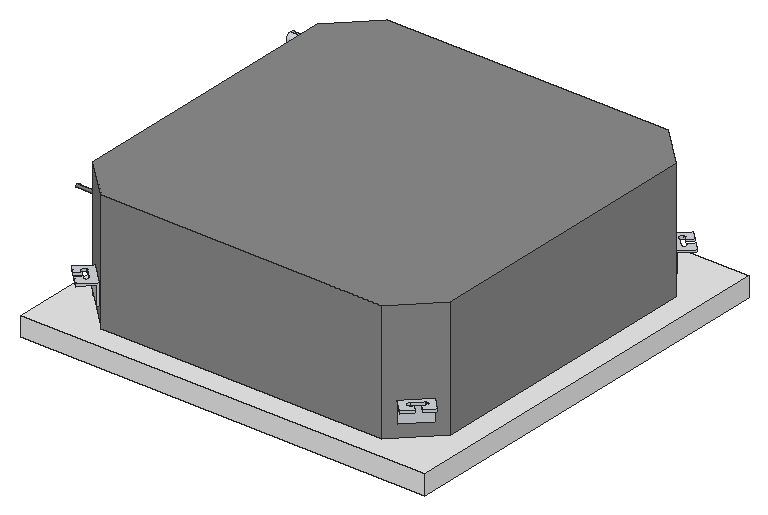
Revit family "GMV-ND22-100TC-T", category 机械设备, Revit 2014
Parameters (values of type "GMV-ND22T/C-T")
  风量(m³/h) [instance] = "800/700/600"
  Sound Pressure Level (H/M/L)(dB) = "33/30/28"
  Panel Height = 65.00 mm
  Panel Depth = 950.00 mm
  Panel Width = 950.00 mm
  设备类别 [instance] = "多联空调机组室内机"
  Power supply = "220-240V 1 phase ~50Hz/208-230V 1 phase ~60Hz"
  液管距面板上边高度 = 115.00 mm
  液管距中心线距离 = 314.00 mm
  Liquid pipe = 6.35 mm
  气管距面板上边高度 = 89.00 mm
  气管距中心线距离 = 252.00 mm
  Gas pipe = 9.52 mm
  面板 = ABS
  Drainage Pipe = 25.00 mm
  回风口长度和宽度 = 回风口边距中心线距离 * 2  # 500.00 mm
  回风口边距中心线距离 = 250.00 mm
  吊装螺杆间距 = 300.00 mm
  吊装孔高 = 80.00 mm
  吊装孔直径 = 21.714 mm
  Heating capacity(kW) [instance] = "2.5"
  Cooling capacity(kW) [instance] = "2.2"
  出风口长度 = 出风口左边到中心线距离 + 出风口右边到中心线距离  # 400.00 mm
  出风口左边到中心线距离 = 200.00 mm
  出风口宽度 = 出风口上边到中心线距离 - 出风口下边到中心线距离  # 50.00 mm
  出风口右边到中心线距离 = 200.00 mm
  出风口下边到中心线距离 = 330.00 mm
  出风口上边到中心线距离 = 380.00 mm
  Net weight Main body/Panel(kg) = "27/6"
  主体高 = 280.00 mm
  主体深 = 840.00 mm
  主体宽 = 840.00 mm
  主体 = 锌板
  Main Body Width = 840.00 mm
  Main Body Height = 280.00 mm
  Main body Depth = 840.00 mm
Types (12, lengths in mm): name | 风量(m³/h) | Sound Pressure Level (H/M/L)(dB) | Liquid pipe | Gas pipe | Heating capacity(kW) | Cooling capacity(kW) | Net weight Main body/Panel(kg)
  (no name) | "800/700/600" | "33/30/28" | 6.35 | 9.52 | "2.5" | "2.2" | "27/6"
  GMV-ND28T/C-T | "800/700/600" | "33/30/28" | 6.35 | 9.52 | "3.2" | "2.8" | "27/6"
  GMV-ND36T/C-T | "800/700/600" | "33/30/28" | 6.35 | 9.52 | "4" | "3.6" | "27/6"
  GMV-ND45T/C-T | "800/700/600" | "34/30/28" | 6.35 | 9.52 | "5" | "4.5" | "27/6"
  GMV-ND50T/C-T | "900/800/700" | "35/32/29" | 6.35 | 9.52 | "5.6" | "5" | "28/6"
  GMV-ND56T/C-T | "950/850/750" | "37/33/30" | 9.52 | 15.90 | "6.3" | "5.6" | "28/6"
  GMV-ND63T/C-T | "1150/950/850" | "37/34/31" | 9.52 | 15.90 | "7.1" | "6.3" | "35/7"
  GMV-ND71T/C-T | "1150/950/850" | "37/34/31" | 9.52 | 15.90 | "8" | "7.1" | "28/6"
  GMV-ND80T/C-T | "1250/1000/900" | "39/37/34" | 9.52 | 15.90 | "9" | "8" | "29/6"
  GMV-ND90T/C-T | "1250/1000/900" | "39/37/34" | 9.52 | 15.90 | "10.0" | "9.0" | "29/6"
  GMV-ND100T/C-T | "1250/1000/900" | "39/37/34" | 9.52 | 15.90 | "11.2" | "10" | "29/6"
  GMV-ND22T/C-T | "800/700/600" | "33/30/28" | 6.35 | 9.52 | "2.5" | "2.2" | "27/6"
Reference planes
  plane 1: z = 0
  plane 2: y = -252
  plane 3: y = -314
  plane 4: through (-330, 420, 1200) normal (0.7071, -0.7071, 0)
  plane 5: through (-341.331, 438.668, 1200) normal (0.7071, -0.7071, 0)
  plane 6: through (-345.927, 443.265, 1200) normal (0.7071, -0.7071, 0)
  plane 7: through (-336.735, 434.072, 1200) normal (0.7071, -0.7071, 0)
  plane 8: through (-396.612, 396.612, 1200) normal (0.7071, 0.7071, 0)
  plane 9: through (-406.158, 387.066, 1200) normal (0.7071, 0.7071, 0)
  plane 10: through (-387.066, 406.158, 1200) normal (0.7071, 0.7071, 0)
  plane 11: through (-401.916, 391.309, 1200) normal (0.7071, 0.7071, 0)
  plane 12: through (-391.309, 401.916, 1200) normal (0.7071, 0.7071, 0)
  plane 13: y = 300
  plane 14: x = 420
  plane 15: x = -420
  plane 16: z = 280
  plane 17: y = 420
  plane 18: y = -420
  plane 19: z = -45
Forms (mm)
  Extrusion 1, solid, material "锌板" <- "主体"
    sketch origin (-1053.666, -594.239, 1200) x (-1, 0, 0) y (0, 0, 1)
      loop
        line (-633.666, -920) -> (-1473.666, -920) -> (-1473.666, -1200) -> (-633.666, -1200) -> (-633.666, -920)
    from 174.239 to 1014.239
  Extrusion 2, solid, material "ABS" <- "面板"
    sketch origin (-1053.666, -594.239, 1200) x (-1, 0, 0) y (0, 0, 1)
      loop
        line (-578.666, -1200) -> (-1528.666, -1200) -> (-1528.666, -1245) -> (-578.666, -1245) -> (-578.666, -1200)
    from 119.239 to 1069.239
  Extrusion 3, solid, material "锌板" <- "主体"
    sketch origin (-420, -1524, 776.939) x (0, 0, 1) y (0, -1, 0)
      loop
        circle (-687.939, -1272) r 4.76
    from 0 to -50
  Extrusion 4, solid, material "锌板" <- "主体"
    sketch origin (-420, -1524, 796.939) x (0, 0, 1) y (0, -1, 0)
      loop
        circle (-591.939, -1210) r 3.175
    from 0 to -50
  Extrusion 5, void
    sketch origin (-944.901, -1524, -45) x (0, -1, 0) y (-1, 0, 0)
      loop
        line (-1774, -694.901) -> (-1774, -1194.901) -> (-1274, -1194.901) -> (-1274, -694.901) -> (-1774, -694.901)
    from 0 to -51.074
  Extrusion 6, void
    sketch origin (-944.901, -1524, -45) x (0, -1, 0) y (-1, 0, 0)
      loop
        line (-1194, -1144.901) -> (-1144, -1144.901) -> (-1144, -744.901) -> (-1194, -744.901) -> (-1194, -1144.901)
    from 0 to -10
  Extrusion 7, void
    sketch origin (-944.901, -1524, -45) x (0, -1, 0) y (-1, 0, 0)
      loop
        line (-1724, -564.901) -> (-1724, -614.901) -> (-1324, -614.901) -> (-1324, -564.901) -> (-1724, -564.901)
    from 0 to -10
  Extrusion 8, void
    sketch origin (-944.901, -1524, -45) x (0, -1, 0) y (-1, 0, 0)
      loop
        line (-1324, -1324.901) -> (-1324, -1274.901) -> (-1724, -1274.901) -> (-1724, -1324.901) -> (-1324, -1324.901)
    from 0 to -10
  Extrusion 9, void
    sketch origin (-944.901, -1524, 190) x (0, -1, 0) y (-1, 0, 0)
      loop
        line (-1944, -524.901) -> (-1944, -614.901) -> (-1854, -524.901) -> (-1944, -524.901)
    from 320 to -90
  Extrusion 10, solid
    sketch origin (-393.436, 356.539, 1200) x (0.707107, -0.707107, 0) y (0, 0, 1)
      loop
        line (0, -1167.503) -> (0, -1120) -> (-43.411, -1120) -> (-43.411, -1125) -> (-5, -1125) -> (-5, -1167.503) -> (0, -1167.503)
    from 7.361 to -61.161
  Extrusion 11, void
    sketch origin (-113.234, -1524, 80) x (0, -1, 0) y (-1, 0, 0)
      loop
        line (-1909.05, 290.908) -> (-1913.293, 286.665) -> (-1924.38, 297.753) -> (-1934.987, 287.147) -> (-1923.899, 276.059) -> (-1928.142, 271.816)
        arc (-1928.142, 271.816) -> (-1928.142, 262.624) -> (-1918.949, 262.624) r 6.5
        line (-1918.949, 262.624) -> (-1899.858, 281.715)
        arc (-1899.858, 281.715) -> (-1899.858, 290.908) -> (-1909.05, 290.908) r 6.5
    from 5 to 0
  Extrusion 12, void
    sketch origin (944.901, -1524, 190) x (0, 1, 0) y (1, 0, 0)
      loop
        line (1944, -524.901) -> (1854, -524.901) -> (1944, -614.901) -> (1944, -524.901)
    from 190 to -90
  Extrusion 13, void
    sketch origin (944.901, 1524, 190) x (0, 1, 0) y (1, 0, 0)
      loop
        line (-1944, -524.901) -> (-1944, -614.901) -> (-1854, -524.901) -> (-1944, -524.901)
    from 190 to -90
  Extrusion 14, void
    sketch origin (-944.901, 1524, 190) x (0, -1, 0) y (-1, 0, 0)
      loop
        line (1944, -524.901) -> (1854, -524.901) -> (1944, -614.901) -> (1944, -524.901)
    from 190 to -90
  Extrusion 15, solid
    sketch origin (393.436, 356.539, 1200) x (-0.707107, -0.707107, 0) y (0, 0, -1)
      loop
        line (0, 1167.503) -> (-5, 1167.503) -> (-5, 1125) -> (-43.411, 1125) -> (-43.411, 1120) -> (0, 1120) -> (0, 1167.503)
    from 7.361 to -61.161
  Extrusion 16, solid
    sketch origin (393.436, -356.539, 1200) x (-0.707107, 0.707107, 0) y (0, 0, 1)
      loop
        line (0, -1167.503) -> (0, -1120) -> (-43.411, -1120) -> (-43.411, -1125) -> (-5, -1125) -> (-5, -1167.503) -> (0, -1167.503)
    from 7.361 to -61.161
  Extrusion 17, solid
    sketch origin (-393.436, -356.539, 1200) x (0.707107, 0.707107, 0) y (0, 0, -1)
      loop
        line (0, 1167.503) -> (-5, 1167.503) -> (-5, 1125) -> (-43.411, 1125) -> (-43.411, 1120) -> (0, 1120) -> (0, 1167.503)
    from 7.361 to -61.161
  Extrusion 18, solid
    sketch origin (-393.436, 356.539, 1200) x (0.707107, -0.707107, 0) y (0, 0, 1)
      loop
        line (0, -1167.503) -> (0, -1120) -> (-43.411, -1120) -> (-43.411, -1125) -> (-5, -1125) -> (-5, -1167.503) -> (0, -1167.503)
    from 7.361 to -61.161
  Extrusion 19, void
    sketch origin (-113.234, -1524, 80) x (0, -1, 0) y (-1, 0, 0)
      loop
        line (-1909.05, 290.908) -> (-1913.293, 286.665) -> (-1924.38, 297.753) -> (-1934.987, 287.147) -> (-1923.899, 276.059) -> (-1928.142, 271.816)
        arc (-1928.142, 271.816) -> (-1928.142, 262.624) -> (-1918.949, 262.624) r 6.5
        line (-1918.949, 262.624) -> (-1899.858, 281.715)
        arc (-1899.858, 281.715) -> (-1899.858, 290.908) -> (-1909.05, 290.908) r 6.5
    from 5 to 0
  Extrusion 20, void
    sketch origin (113.234, -1524, 80) x (0, 1, 0) y (1, 0, 0)
      loop
        arc (1909.05, 290.908) -> (1899.858, 290.908) -> (1899.858, 281.715) r 6.5
        line (1899.858, 281.715) -> (1918.949, 262.624)
        arc (1918.949, 262.624) -> (1928.142, 262.624) -> (1928.142, 271.816) r 6.5
        line (1928.142, 271.816) -> (1923.899, 276.059) -> (1934.987, 287.147) -> (1924.38, 297.753) -> (1913.293, 286.665) -> (1909.05, 290.908)
    from 5 to 0
  Extrusion 21, void
    sketch origin (113.234, 1524, 80) x (0, 1, 0) y (1, 0, 0)
      loop
        line (-1909.05, 290.908) -> (-1913.293, 286.665) -> (-1924.38, 297.753) -> (-1934.987, 287.147) -> (-1923.899, 276.059) -> (-1928.142, 271.816)
        arc (-1928.142, 271.816) -> (-1928.142, 262.624) -> (-1918.949, 262.624) r 6.5
        line (-1918.949, 262.624) -> (-1899.858, 281.715)
        arc (-1899.858, 281.715) -> (-1899.858, 290.908) -> (-1909.05, 290.908) r 6.5
    from 5 to 0
  Extrusion 22, void
    sketch origin (-113.234, 1524, 80) x (0, -1, 0) y (-1, 0, 0)
      loop
        arc (1909.05, 290.908) -> (1899.858, 290.908) -> (1899.858, 281.715) r 6.5
        line (1899.858, 281.715) -> (1918.949, 262.624)
        arc (1918.949, 262.624) -> (1928.142, 262.624) -> (1928.142, 271.816) r 6.5
        line (1928.142, 271.816) -> (1923.899, 276.059) -> (1934.987, 287.147) -> (1924.38, 297.753) -> (1913.293, 286.665) -> (1909.05, 290.908)
    from 5 to 0
  Extrusion 23, void
    sketch origin (-944.901, 1524, -45) x (0, -1, 0) y (-1, 0, 0)
      loop
        line (1194, -1144.901) -> (1194, -744.901) -> (1144, -744.901) -> (1144, -1144.901) -> (1194, -1144.901)
    from 0 to -10
  Extrusion 24, solid
    sketch origin (-420, -1524, 776.939) x (0, 0, 1) y (0, -1, 0)
      loop
        circle (-526.939, -1824) r 12.5
    from 0 to -39.855
Cuts and joins
  Extrusion 5, Extrusion 6, Extrusion 7, Extrusion 8, Extrusion 12, Extrusion 13, Extrusion 14, Extrusion 23 cuts Extrusion 2
  Extrusion 9, Extrusion 12, Extrusion 13, Extrusion 14 cuts Extrusion 1
  Extrusion 11, Extrusion 12, Extrusion 20 cuts Extrusion 10
  Extrusion 19, Extrusion 20 cuts Extrusion 18
  Extrusion 19, Extrusion 22 cuts Extrusion 17
  Extrusion 20, Extrusion 21 cuts Extrusion 15
  Extrusion 21, Extrusion 22 cuts Extrusion 16
Lines and regions (mm)
  model lines
    curve 1: arc (-420, -252, 93.76) -> (-420, -256.76, 89) -> (-420, -252, 84.24) r 4.76
    curve 2: arc (-420, -252, 84.24) -> (-420, -247.24, 89) -> (-420, -252, 93.76) r 4.76
    curve 3: line (-250, 250, -45) -> (250, 250, -45)
    curve 4: line (-250, -250, -45) -> (-250, 250, -45)
    curve 5: line (250, -250, -45) -> (-250, -250, -45)
    curve 6: line (250, 250, -45) -> (250, -250, -45)
Dimensions and locks
  Extrusion 5 sketch curve to Extrusion 5 sketch curve = 500.00 mm
  plane 5 to plane 6 = 6.50 mm
  "Main Body Width": plane 15 to plane 14
  "Main Body Height": plane 16 to level
  "Main body Depth": plane 18 to plane 17
  "Gas pipe": diameter of Extrusion 3 sketch curve
  "Liquid pipe": diameter of Extrusion 4 sketch curve
  "Drainage Pipe": diameter of Extrusion 24 sketch curve
  aligned and locked: level to plane 1
  aligned and locked: Extrusion 1 sketch curve to level
  aligned and locked: level to Extrusion 2 sketch curve
  aligned and locked: curve 1 to Extrusion 3
  aligned and locked: curve 2 to Extrusion 3
  aligned and locked: curve 3 to cut or joined group 1 (Extrusion 2, Extrusion 5, Extrusion 6, Extrusion 7, Extrusion 8, Extrusion 12, Extrusion 13, Extrusion 14, Extrusion 23)
  aligned and locked: curve 4 to cut or joined group 1
  aligned and locked: curve 5 to cut or joined group 1
  aligned and locked: curve 6 to cut or joined group 1
  aligned and locked: cut or joined group 1 to nested 1
  aligned and locked: Extrusion 10 to Extrusion 11
Automatic sketch dimensions
  Extrusion 10 sketch curve to plane 6 = 15.681 mm
  Extrusion 10 sketch curve to plane 4 = 4.982 mm
  plane 4 to Extrusion 10 sketch curve = 0.018 mm
  level to Extrusion 10 sketch curve = 32.496 mm
  plane 12 to Extrusion 11 sketch curve = 0.00 mm
  plane 6 to Extrusion 11 sketch curve = 0.00 mm  (x3)
  plane 10 to Extrusion 11 sketch curve = 0.00 mm  (x3)
  Extrusion 11 sketch curve to plane 11 = 0.00 mm
  plane 5 to Extrusion 11 sketch curve = 0.00 mm  (x2)
  Extrusion 11 sketch curve to plane 9 = 0.00 mm  (x3)
  Extrusion 15 sketch curve to plane 10 = 560.223 mm
  Extrusion 15 sketch curve to Extrusion 15 sketch curve = 38.411 mm
  Extrusion 15 sketch curve to Extrusion 15 sketch curve = 5.00 mm  (x2)
  level to Extrusion 15 sketch curve = 32.496 mm
  plane 4 to Extrusion 16 sketch curve = 1104.054 mm
  Extrusion 16 sketch curve to Extrusion 16 sketch curve = 38.411 mm
  Extrusion 16 sketch curve to Extrusion 16 sketch curve = 5.00 mm  (x2)
  level to Extrusion 16 sketch curve = 32.496 mm
  Extrusion 17 sketch curve to plane 9 = 560.224 mm
  Extrusion 17 sketch curve to Extrusion 17 sketch curve = 38.411 mm
  Extrusion 17 sketch curve to Extrusion 17 sketch curve = 5.00 mm  (x2)
  level to Extrusion 17 sketch curve = 32.496 mm
  Extrusion 18 sketch curve to plane 6 = 15.681 mm
  Extrusion 18 sketch curve to plane 4 = 4.982 mm
  plane 4 to Extrusion 18 sketch curve = 0.018 mm
  level to Extrusion 18 sketch curve = 32.496 mm
  plane 12 to Extrusion 19 sketch curve = 0.00 mm
  plane 6 to Extrusion 19 sketch curve = 0.00 mm  (x3)
  plane 10 to Extrusion 19 sketch curve = 0.00 mm  (x3)
  Extrusion 19 sketch curve to plane 11 = 0.00 mm
  plane 5 to Extrusion 19 sketch curve = 0.00 mm  (x2)
  Extrusion 19 sketch curve to plane 9 = 0.00 mm  (x3)
  Extrusion 20 sketch curve to Extrusion 20 sketch curve = 4.243 mm  (x2)
  Extrusion 20 sketch curve to Extrusion 20 sketch curve = 4.596 mm  (x3)
  Extrusion 20 sketch curve to Extrusion 20 sketch curve = 0.354 mm
  Extrusion 20 sketch curve to Extrusion 20 sketch curve = 11.088 mm
  Extrusion 21 sketch curve to Extrusion 21 sketch curve = 10.607 mm
  Extrusion 21 sketch curve to Extrusion 21 sketch curve = 4.596 mm  (x5)
  Extrusion 22 sketch curve to Extrusion 22 sketch curve = 4.243 mm  (x2)
  Extrusion 22 sketch curve to Extrusion 22 sketch curve = 4.596 mm  (x3)
  Extrusion 22 sketch curve to Extrusion 22 sketch curve = 0.354 mm
  Extrusion 22 sketch curve to Extrusion 22 sketch curve = 11.088 mm
  Extrusion 7 sketch curve to Extrusion 7 sketch curve = 50.00 mm
  plane 4 to Extrusion 9 sketch curve = 0.00 mm  (x2)
  Extrusion 21 sketch curve to Extrusion 21 sketch curve = 4.243 mm
  Extrusion 2 sketch curve to level = 45.00 mm
  level to Extrusion 1 sketch curve = 280.00 mm
  Extrusion 10 sketch curve to Extrusion 10 sketch curve = 42.503 mm
  Extrusion 10 sketch curve to Extrusion 10 sketch curve = 5.00 mm
  Extrusion 15 sketch curve to Extrusion 15 sketch curve = 42.503 mm
  Extrusion 16 sketch curve to Extrusion 16 sketch curve = 42.503 mm
  Extrusion 17 sketch curve to Extrusion 17 sketch curve = 42.503 mm
  Extrusion 18 sketch curve to Extrusion 18 sketch curve = 42.503 mm
  Extrusion 18 sketch curve to Extrusion 18 sketch curve = 5.00 mm
  Extrusion 1 sketch curve to Extrusion 1 sketch curve = 840.00 mm
  Extrusion 2 sketch curve to Extrusion 2 sketch curve = 950.00 mm
  Extrusion 6 sketch curve to plane 9 = 361.267 mm
  Extrusion 6 sketch curve to Extrusion 6 sketch curve = 400.00 mm
  Extrusion 7 sketch curve to plane 9 = 396.622 mm
  Extrusion 8 sketch curve to plane 10 = 78.424 mm
  Extrusion 8 sketch curve to Extrusion 8 sketch curve = 50.00 mm
  plane 4 to Extrusion 12 sketch curve = 530.33 mm
  Extrusion 12 sketch curve to Extrusion 12 sketch curve = 90.00 mm
  Extrusion 13 sketch curve to plane 8 = 0.00 mm
  Extrusion 13 sketch curve to Extrusion 13 sketch curve = 90.00 mm
  plane 4 to Extrusion 14 sketch curve = 530.33 mm
  Extrusion 14 sketch curve to Extrusion 14 sketch curve = 90.00 mm
  plane 4 to Extrusion 20 sketch curve = 537.83 mm
  Extrusion 20 sketch curve to Extrusion 20 sketch curve = 6.845 mm
  plane 12 to Extrusion 21 sketch curve = 0.00 mm
  Extrusion 21 sketch curve to Extrusion 21 sketch curve = 6.845 mm
  plane 4 to Extrusion 22 sketch curve = 522.83 mm
  Extrusion 22 sketch curve to Extrusion 22 sketch curve = 6.845 mm
  Extrusion 23 sketch curve to plane 10 = 78.424 mm
  Extrusion 23 sketch curve to Extrusion 23 sketch curve = 400.00 mm
  plane 13 to Extrusion 5 sketch curve = 50.00 mm
  Extrusion 5 sketch curve to plane 2 = 2.00 mm
  Extrusion 5 sketch curve to plane 15 = 170.00 mm
  plane 3 to Extrusion 6 sketch curve = 16.00 mm
  Extrusion 6 sketch curve to Extrusion 6 sketch curve = 50.00 mm
  plane 13 to Extrusion 7 sketch curve = 100.00 mm
  Extrusion 7 sketch curve to plane 15 = 40.00 mm
  plane 14 to Extrusion 8 sketch curve = 40.00 mm
  plane 13 to Extrusion 8 sketch curve = 100.00 mm
  Extrusion 9 sketch curve to plane 15 = 0.00 mm
  Extrusion 9 sketch curve to Extrusion 9 sketch curve = 90.00 mm
  Extrusion 11 sketch curve to plane 15 = 19.62 mm
  Extrusion 12 sketch curve to plane 14 = 0.00 mm
  Extrusion 12 sketch curve to plane 13 = 30.00 mm
  Extrusion 13 sketch curve to plane 14 = 0.00 mm
  plane 3 to Extrusion 13 sketch curve = 16.00 mm
  Extrusion 14 sketch curve to plane 15 = 0.00 mm
  plane 3 to Extrusion 14 sketch curve = 16.00 mm
  Extrusion 19 sketch curve to plane 15 = 19.62 mm
  plane 14 to Extrusion 20 sketch curve = 25.051 mm
  Extrusion 20 sketch curve to plane 13 = 75.858 mm
  plane 14 to Extrusion 20 sketch curve = 15.858 mm
  plane 14 to Extrusion 20 sketch curve = 44.143 mm
  Extrusion 20 sketch curve to Extrusion 20 sketch curve = 5.657 mm
  plane 14 to Extrusion 21 sketch curve = 19.62 mm
  plane 3 to Extrusion 21 sketch curve = 96.987 mm
  plane 14 to Extrusion 21 sketch curve = 34.95 mm
  plane 14 to Extrusion 21 sketch curve = 20.101 mm
  plane 14 to Extrusion 21 sketch curve = 25.051 mm
  Extrusion 22 sketch curve to plane 15 = 25.051 mm
  plane 3 to Extrusion 22 sketch curve = 61.858 mm
  Extrusion 22 sketch curve to plane 15 = 15.858 mm
  Extrusion 22 sketch curve to Extrusion 22 sketch curve = 5.657 mm
  Extrusion 22 sketch curve to plane 15 = 19.62 mm
  Extrusion 23 sketch curve to plane 13 = 80.00 mm
  Extrusion 23 sketch curve to plane 13 = 30.00 mm
  Extrusion 3 sketch curve to plane 2 = 0.00 mm
  level to Extrusion 3 sketch curve = 89.00 mm
  Extrusion 4 sketch curve to plane 3 = 0.00 mm
  plane 16 to Extrusion 4 sketch curve = 75.00 mm
  Extrusion 24 sketch curve to plane 13 = 0.00 mm
  plane 16 to Extrusion 24 sketch curve = 30.00 mm
Nested families
  nested 1: "回风口（天井机）" at (0, 0, -45), type "回风口（天井机）"
  nested 2: "5S logo-小" at (-20, -290, -45), type "GMV 5S LOGO"
    with 材质2 材质2, 材质1 材质1, 商标底材质 商标底材质
Definition of nested family "回风口（天井机）"
  Parameters (values of type "回风口（天井机）")
    面板 = ABS
    边长 = 500.00 mm
  Reference planes
    plane 1 "中心(前/后)": y = 0
    plane 2: z = 0
    plane 3 "中心(左/右)": x = 0
    plane 4: y = 250
    plane 5: y = -250
    plane 6: x = -250
    plane 7: x = 250
    plane 8: through (250, 250, 1200) normal (0.7071, -0.7071, 0)
    plane 9: through (0, 230, 1200) normal (0.7071, -0.7071, 0)
    plane 10: through (230, 0, 1200) normal (0.7071, -0.7071, 0)
    plane 11: through (-230, 0, 1200) normal (0.7071, 0.7071, 0)
    plane 12: through (-230, 230, 1200) normal (0.7071, 0.7071, 0)
    plane 13: through (-230, -110, 1200) normal (0.7071, 0.7071, 0)
    plane 14: through (-225, 105, 1200) normal (0.7071, 0.7071, 0)
    plane 15: through (-230, -165, 1200) normal (0.7071, 0.7071, 0)
    plane 16: through (-175, -110, 1200) normal (0.7071, 0.7071, 0)
    plane 17: through (-120, -55, 1200) normal (0.7071, 0.7071, 0)
    plane 18: through (-57.5, -5, 1200) normal (0.7071, 0.7071, 0)
    plane 19: through (0, 230, 1200) normal (0.7071, 0.7071, 0)
    plane 20: through (110, 230, 1200) normal (0.7071, 0.7071, 0)
    plane 21: through (-105, 225, 1200) normal (0.7071, 0.7071, 0)
    plane 22: through (165, 230, 1200) normal (0.7071, 0.7071, 0)
    plane 23: through (110, 175, 1200) normal (0.7071, 0.7071, 0)
    plane 24: through (55, 120, 1200) normal (0.7071, 0.7071, 0)
    plane 25: through (5, 57.5, 1200) normal (0.7071, 0.7071, 0)
  Forms (mm)
    Extrusion 1, solid, material "ABS" <- "面板"
      sketch origin (0, 0, 0) x (1, 0, 0) y (0, 1, 0)
        loop
          line (-250, 250) -> (-250, -250) -> (250, -250) -> (250, 250) -> (-250, 250)
        loop
          line (-230, 230) -> (-230, -230) -> (230, -230) -> (230, 230) -> (-230, 230)
      from 0 to 20
    Sweep 2, solid, material "ABS" <- "面板"
      path origin (0, 0, 0) x (1, 0, 0) y (0, 1, 0)
        loop
          line (230, 230) -> (-230, -230)
      profile origin (0, 0, 0) x (0.707107, -0.707107, 0) y (0, 0, 1)
        loop
          circle (0, 1) r 1
    Sweep 3, solid, material "ABS" <- "面板"
      path origin (-110.984, 119.016, 0) x (1, 0, 0) y (0, 1, 0)
        loop
          line (110.984, 110.984) -> (-119.016, -119.016)
      profile origin (-115, 115, 0) x (0.707107, -0.707107, 0) y (0, 0, 1)
        loop
          circle (0, 0) r 1
    Sweep 4, solid, material "ABS" <- "面板"
      path origin (110.984, -119.016, 0) x (1, 0, 0) y (0, 1, 0)
        loop
          line (119.016, 119.016) -> (-110.984, -110.984)
      profile origin (115, -115, 0) x (0.707107, -0.707107, 0) y (0, 0, 1)
        loop
          circle (0, 1.016) r 1
    Sweep 5, solid, material "ABS" <- "面板"
      path origin (0, 0, 0) x (1, 0, 0) y (0, 1, 0)
        loop
          line (-230, 230) -> (230, -230)
      profile origin (0, 0, 0) x (0.707107, 0.707107, 0) y (0, 0, 1)
        loop
          circle (0, 0.391) r 0.4
    Sweep 6, solid, material "ABS" <- "面板"
      path origin (-36.76, -25.74, 0) x (1, 0, 0) y (0, 1, 0)
        loop
          line (-193.24, 193.24) -> (204.26, -204.26)
      profile origin (-31.25, -31.25, 0) x (0.707107, 0.707107, 0) y (0, 0, 1)
        loop
          circle (0, 0) r 0.4
    Sweep 7, solid, material "ABS" <- "面板"
      path origin (-55.046, -64.954, 0) x (1, 0, 0) y (0, 1, 0)
        loop
          line (-174.954, 174.954) -> (165.046, -165.046)
      profile origin (-60, -60, 0) x (0.707107, 0.707107, 0) y (0, 0, 1)
        loop
          circle (0, 0) r 0.4
    Sweep 8, solid, material "ABS" <- "面板"
      path origin (-82.546, -92.454, 0) x (1, 0, 0) y (0, 1, 0)
        loop
          line (-147.454, 147.454) -> (137.546, -137.546)
      profile origin (-87.5, -87.5, 0) x (0.707107, 0.707107, 0) y (0, 0, 1)
        loop
          circle (0, 0) r 0.4
    Sweep 9, solid, material "ABS" <- "面板"
      path origin (-110.046, -119.954, 0) x (1, 0, 0) y (0, 1, 0)
        loop
          line (-119.954, 119.954) -> (110.753, -110.753)
      profile origin (-114.646, -115.354, 0) x (0.707107, 0.707107, 0) y (0, 0, 1)
        loop
          circle (0, 0) r 0.4
    Sweep 10, solid, material "ABS" <- "面板"
      path origin (-153.423, -131.577, 0) x (1, 0, 0) y (0, 1, 0)
        loop
          line (-76.577, 76.577) -> (98.423, -98.423)
      profile origin (-142.5, -142.5, 0) x (0.707107, 0.707107, 0) y (0, 0, 1)
        loop
          circle (0, 0) r 0.4
    Sweep 11, solid, material "ABS" <- "面板"
      path origin (-196.8, -143.2, 0) x (1, 0, 0) y (0, 1, 0)
        loop
          line (-33.2, 33.2) -> (86.8, -86.8)
      profile origin (-170, -170, 0) x (0.707107, 0.707107, 0) y (0, 0, 1)
        loop
          circle (0, 0) r 0.4
    Sweep 12, solid, material "ABS" <- "面板"
      path origin (-229.149, -165.851, 0) x (1, 0, 0) y (0, 1, 0)
        loop
          line (-0.851, 0.851) -> (64.149, -64.149)
      profile origin (-197.5, -197.5, 0) x (0.707107, 0.707107, 0) y (0, 0, 1)
        loop
          circle (0, 0) r 0.4
    Sweep 13, solid, material "ABS" <- "面板"
      path origin (25.74, 36.76, 0) x (0, -1, 0) y (-1, 0, 0)
        loop
          line (-193.24, 193.24) -> (204.26, -204.26)
      profile origin (31.25, 31.25, 0) x (0.707107, 0.707107, 0) y (0, 0, 1)
        loop
          circle (0, 0.43) r 0.4
    Sweep 14, solid, material "ABS" <- "面板"
      path origin (64.954, 55.046, 0) x (0, -1, 0) y (-1, 0, 0)
        loop
          line (-174.954, 174.954) -> (165.046, -165.046)
      profile origin (60, 60, 0) x (0.707107, 0.707107, 0) y (0, 0, 1)
        loop
          circle (0, 0.43) r 0.4
    Sweep 15, solid, material "ABS" <- "面板"
      path origin (92.454, 82.546, 0) x (0, -1, 0) y (-1, 0, 0)
        loop
          line (-147.454, 147.454) -> (137.546, -137.546)
      profile origin (87.5, 87.5, 0) x (0.707107, 0.707107, 0) y (0, 0, 1)
        loop
          circle (0, 0.391) r 0.4
    Sweep 16, solid, material "ABS" <- "面板"
      path origin (119.954, 110.046, 0) x (0, -1, 0) y (-1, 0, 0)
        loop
          line (-119.954, 119.954) -> (110.753, -110.753)
      profile origin (115.354, 114.646, 0) x (0.707107, 0.707107, 0) y (0, 0, 1)
        loop
          circle (0, 0.391) r 0.4
    Sweep 17, solid, material "ABS" <- "面板"
      path origin (131.577, 153.423, 0) x (0, -1, 0) y (-1, 0, 0)
        loop
          line (-76.577, 76.577) -> (98.423, -98.423)
      profile origin (142.5, 142.5, 0) x (0.707107, 0.707107, 0) y (0, 0, 1)
        loop
          circle (0, 0.391) r 0.4
    Sweep 18, solid, material "ABS" <- "面板"
      path origin (143.2, 196.8, 0) x (0, -1, 0) y (-1, 0, 0)
        loop
          line (-33.2, 33.2) -> (86.8, -86.8)
      profile origin (170, 170, 0) x (0.707107, 0.707107, 0) y (0, 0, 1)
        loop
          circle (0, 0.391) r 0.4
    Sweep 19, solid, material "ABS" <- "面板"
      path origin (165.851, 229.149, 0) x (0, -1, 0) y (-1, 0, 0)
        loop
          line (-0.851, 0.851) -> (64.149, -64.149)
      profile origin (197.5, 197.5, 0) x (0.707107, 0.707107, 0) y (0, 0, 1)
        loop
          circle (0, 0.391) r 0.4
  Dimensions and locks
    equal spacing: plane 6, plane 3 "中心(左/右)", plane 7
    "边长": plane 6 to plane 7
    equal spacing: plane 4, plane 1 "中心(前/后)", plane 5
    "边长": plane 4 to plane 5
    aligned and locked: level to plane 2
    aligned and locked: Extrusion 1 sketch curve to plane 4
    aligned and locked: plane 6 to Extrusion 1 sketch curve
    aligned and locked: plane 5 to Extrusion 1 sketch curve
    aligned and locked: Extrusion 1 sketch curve to plane 7
  Automatic sketch dimensions
    Extrusion 1 sketch curve to plane 12 = 0.00 mm
    plane 8 to Extrusion 1 sketch curve = 0.00 mm  (x2)
    Extrusion 1 sketch curve to plane 4 = 20.00 mm
    plane 8 to Sweep 2 sketch curve = 0.00 mm  (x2)
    plane 5 to Sweep 2 sketch curve = 20.00 mm
    Sweep 2 sketch curve to plane 4 = 20.00 mm
    Sweep 2 sketch curve to profile plane = 0.00 mm
    level to Sweep 2 sketch curve = 1.00 mm
    plane 1 "中心(前/后)" to Sweep 3 sketch curve = 0.00 mm
    plane 9 to Sweep 3 sketch curve = 0.00 mm  (x2)
    Sweep 3 sketch curve to plane 3 "中心(左/右)" = 0.00 mm
    Sweep 3 sketch curve to level = 0.00 mm
    Sweep 3 sketch curve to profile plane = 0.00 mm
    Sweep 4 sketch curve to plane 3 "中心(左/右)" = 0.00 mm
    plane 1 "中心(前/后)" to Sweep 4 sketch curve = 0.00 mm
    Sweep 4 sketch curve to plane 10 = 0.00 mm  (x2)
    Sweep 4 sketch curve to profile plane = 0.00 mm
    level to Sweep 4 sketch curve = 1.016 mm
    Sweep 5 sketch curve to plane 12 = 0.00 mm  (x2)
    Sweep 5 sketch curve to plane 4 = 20.00 mm
    plane 5 to Sweep 5 sketch curve = 20.00 mm
    Sweep 5 sketch curve to profile plane = 0.00 mm
    level to Sweep 5 sketch curve = 0.391 mm
    plane 18 to Sweep 6 sketch curve = 0.00 mm  (x2)
    plane 6 to Sweep 6 sketch curve = 20.00 mm
    plane 5 to Sweep 6 sketch curve = 20.00 mm
    Sweep 6 sketch curve to level = 0.00 mm
    Sweep 6 sketch curve to profile plane = 0.00 mm
    Sweep 7 sketch curve to plane 14 = 0.00 mm  (x2)
    plane 6 to Sweep 7 sketch curve = 20.00 mm
    plane 5 to Sweep 7 sketch curve = 20.00 mm
    Sweep 7 sketch curve to level = 0.00 mm
    Sweep 7 sketch curve to profile plane = 0.00 mm
    Sweep 8 sketch curve to plane 17 = 0.00 mm  (x2)
    plane 6 to Sweep 8 sketch curve = 20.00 mm
    plane 5 to Sweep 8 sketch curve = 20.00 mm
    Sweep 8 sketch curve to level = 0.00 mm
    Sweep 8 sketch curve to profile plane = 0.00 mm
    plane 1 "中心(前/后)" to Sweep 9 sketch curve = 0.00 mm
    plane 9 to Sweep 9 sketch curve = 0.00 mm
    Sweep 9 sketch curve to plane 11 = 0.00 mm
    plane 3 "中心(左/右)" to Sweep 9 sketch curve = 0.707 mm
    Sweep 9 sketch curve to level = 0.00 mm
    Sweep 9 sketch curve to profile plane = 0.00 mm
    Sweep 10 sketch curve to plane 16 = 0.00 mm
    plane 16 to Sweep 10 sketch curve = 0.00 mm
    plane 6 to Sweep 10 sketch curve = 20.00 mm
    plane 5 to Sweep 10 sketch curve = 20.00 mm
    Sweep 10 sketch curve to level = 0.00 mm
    Sweep 10 sketch curve to profile plane = 0.00 mm
    Sweep 11 sketch curve to plane 13 = 0.00 mm  (x2)
    plane 6 to Sweep 11 sketch curve = 20.00 mm
    plane 5 to Sweep 11 sketch curve = 20.00 mm
    Sweep 11 sketch curve to level = 0.00 mm
    Sweep 11 sketch curve to profile plane = 0.00 mm
    Sweep 12 sketch curve to plane 15 = 0.00 mm  (x2)
    plane 6 to Sweep 12 sketch curve = 20.00 mm
    plane 5 to Sweep 12 sketch curve = 20.00 mm
    Sweep 12 sketch curve to level = 0.00 mm
    Sweep 12 sketch curve to profile plane = 0.00 mm
    Sweep 13 sketch curve to plane 25 = 0.00 mm  (x2)
    plane 4 to Sweep 13 sketch curve = 20.00 mm
    plane 7 to Sweep 13 sketch curve = 20.00 mm
    level to Sweep 13 sketch curve = 0.43 mm
    Sweep 13 sketch curve to profile plane = 0.00 mm
    plane 21 to Sweep 14 sketch curve = 0.00 mm  (x2)
    plane 4 to Sweep 14 sketch curve = 20.00 mm
    plane 7 to Sweep 14 sketch curve = 20.00 mm
    level to Sweep 14 sketch curve = 0.43 mm
    Sweep 14 sketch curve to profile plane = 0.00 mm
    plane 24 to Sweep 15 sketch curve = 0.00 mm  (x2)
    plane 4 to Sweep 15 sketch curve = 20.00 mm
    plane 7 to Sweep 15 sketch curve = 20.00 mm
    level to Sweep 15 sketch curve = 0.391 mm
    Sweep 15 sketch curve to profile plane = 0.00 mm
    Sweep 16 sketch curve to plane 3 "中心(左/右)" = 0.00 mm
    plane 9 to Sweep 16 sketch curve = 0.00 mm
    plane 19 to Sweep 16 sketch curve = 0.00 mm
    Sweep 16 sketch curve to plane 1 "中心(前/后)" = 0.707 mm
    level to Sweep 16 sketch curve = 0.391 mm
    Sweep 16 sketch curve to profile plane = 0.00 mm
    Sweep 17 sketch curve to plane 23 = 0.00 mm  (x2)
    plane 4 to Sweep 17 sketch curve = 20.00 mm
    plane 7 to Sweep 17 sketch curve = 20.00 mm
    level to Sweep 17 sketch curve = 0.391 mm
    Sweep 17 sketch curve to profile plane = 0.00 mm
    Sweep 18 sketch curve to plane 20 = 0.00 mm
    plane 20 to Sweep 18 sketch curve = 0.00 mm
    plane 4 to Sweep 18 sketch curve = 20.00 mm
    plane 7 to Sweep 18 sketch curve = 20.00 mm
    level to Sweep 18 sketch curve = 0.391 mm
    Sweep 18 sketch curve to profile plane = 0.00 mm
    Sweep 19 sketch curve to plane 22 = 0.00 mm
    plane 22 to Sweep 19 sketch curve = 0.00 mm
    plane 4 to Sweep 19 sketch curve = 20.00 mm
    plane 7 to Sweep 19 sketch curve = 20.00 mm
    level to Sweep 19 sketch curve = 0.391 mm
    Sweep 19 sketch curve to profile plane = 0.00 mm
    radius of Sweep 2 sketch curve = 1.00 mm
    radius of Sweep 3 sketch curve = 1.00 mm
    radius of Sweep 4 sketch curve = 1.00 mm
    radius of Sweep 5 sketch curve = 0.40 mm
    radius of Sweep 6 sketch curve = 0.40 mm
    radius of Sweep 7 sketch curve = 0.40 mm
    radius of Sweep 8 sketch curve = 0.40 mm
    radius of Sweep 9 sketch curve = 0.40 mm
    radius of Sweep 10 sketch curve = 0.40 mm
    radius of Sweep 11 sketch curve = 0.40 mm
    radius of Sweep 12 sketch curve = 0.40 mm
    radius of Sweep 13 sketch curve = 0.40 mm
    radius of Sweep 14 sketch curve = 0.40 mm
    radius of Sweep 15 sketch curve = 0.40 mm
    radius of Sweep 16 sketch curve = 0.40 mm
    radius of Sweep 17 sketch curve = 0.40 mm
    radius of Sweep 18 sketch curve = 0.40 mm
    radius of Sweep 19 sketch curve = 0.40 mm
Definition of nested family "5S logo-小"
  Parameters (values of type "GMV 5S LOGO")
    Default Elevation = 1219.20 mm
    高 = 124.00 mm
    长 = 343.00 mm
    材质2 [instance] = 材质2
    材质1 [instance] = 材质1
    商标底材质 [instance] = 商标底材质
  Reference planes
    plane 1 "中心(前/后)": y = 0
    plane 2: z = 0
    plane 3 "中心(左/右)": x = 0
    plane 4: z = 62
    plane 5: z = -62
    plane 6: x = -171.5
    plane 7: x = 171.5
  Forms (mm)
    Extrusion 1, solid, material "商标底材质" <- "商标底材质"
      sketch origin (0, 0, 0) x (0, -1, 0) y (-1, 0, 0)
        loop
          arc (19.056, 68.976) -> (17.347, 74.568) -> (12.802, 78.248) r 10
          line (12.802, 78.248) -> (-17.162, 90.354)
          arc (-17.162, 90.354) -> (-20.487, 90.004) -> (-22.056, 87.052) r 3.561
          line (-22.056, 87.052) -> (-22.056, -86.348)
          arc (-22.056, -86.348) -> (-20.85, -90.006) -> (-17.704, -92.229) r 6.15
          line (-17.704, -92.229) -> (14.445, -102.058)
          arc (14.445, -102.058) -> (17.61, -101.514) -> (19.056, -98.646) r 3.568
          line (19.056, -98.646) -> (19.056, 68.976)
      from 0 to 2
    Extrusion 2, solid, material "材质1" <- "材质1"
      sketch origin (0, 0, 0) x (0, -1, 0) y (-1, 0, 0)
        loop
          spline (3.398, 40.436) -> (7.998, 43.333) -> (11.629, 47.832) -> (13.929, 53.486) -> (14.668, 59.733) -> (13.775, 65.949) -> (11.336, 71.516) -> (7.596, 75.88) -> (2.926, 78.606) -> (-2.208, 79.423) -> (-7.295, 78.249) -> (-11.829, 75.202) -> (-15.358, 70.584)
          line (-15.358, 70.584) -> (3.398, 61.792) -> (3.398, 40.436)
        loop
          spline (-17.701, 64.059) -> (-18.102, 60.899) -> (-18.085, 57.702) -> (-17.65, 54.548) -> (-16.808, 51.52) -> (-15.581, 48.694) -> (-14, 46.142) -> (-12.106, 43.93) -> (-9.947, 42.114) -> (-7.578, 40.741) -> (-5.06, 39.845) -> (-2.457, 39.45) -> (0.164, 39.566)
          line (0.164, 39.566) -> (0.164, 61.971) -> (-0.562, 62.39)
          spline (-0.562, 62.39) -> (-1.242, 60.468) -> (-2.323, 59.43) -> (-3.654, 58.906) -> (-5.063, 58.824) -> (-6.366, 59.029) -> (-7.642, 59.404) -> (-8.991, 59.879) -> (-10.444, 60.463) -> (-11.998, 61.153) -> (-13.58, 61.895) -> (-15.255, 62.723) -> (-17.701, 64.059)
      from 2 to 3
    Extrusion 3, solid, material "材质1" <- "材质1"
      sketch origin (0, 0, 0) x (0, -1, 0) y (-1, 0, 0)
        loop
          spline (8.242, 14.653) -> (7.538, 18.605) -> (6.554, 20.989) -> (4.969, 23.477) -> (2.7, 25.885) -> (0.036, 27.735) -> (-2.441, 28.95) -> (-4.85, 29.689) -> (-7.631, 30.132) -> (-10.555, 30.044) -> (-12.923, 29.468) -> (-15.045, 27.693) -> (-17.246, 21.242)
          line (-17.246, 21.242) -> (-17.246, 7.987)
          arc (-17.246, 7.987) -> (-15.781, 3.611) -> (-11.979, 0.997) r 7.271
          line (-11.979, 0.997) -> (-2.392, -1.752) -> (-2.392, 11.904) -> (-5.631, 13.083) -> (-5.631, 6.791) -> (-12.875, 9.428)
          arc (-12.875, 9.428) -> (-13.648, 10.021) -> (-13.942, 10.951) r 1.621
          line (-13.942, 10.951) -> (-13.942, 17.704)
          spline (-13.942, 17.704) -> (-12.83, 19.968) -> (-11.658, 21.067) -> (-10.226, 21.55) -> (-8.493, 21.519) -> (-6.565, 21.128) -> (-4.578, 20.541) -> (-2.715, 19.901) -> (-1.173, 19.338) -> (0.109, 18.717) -> (1.519, 17.582) -> (3.271, 15.496) -> (4.751, 12.206)
          line (4.751, 12.206) -> (4.751, -3.717) -> (8.242, -4.988) -> (8.242, 14.653)
      from 2 to 3
    Extrusion 4, solid, material "材质1" <- "材质1"
      sketch origin (0, 0, 0) x (0, -1, 0) y (-1, 0, 0)
        loop
          line (-16.723, -1.511) -> (-16.723, -9.583) -> (5.176, -16.854) -> (5.176, -26.102)
          spline (5.176, -26.102) -> (4.461, -27.291) -> (3.512, -27.776) -> (2.505, -27.799) -> (1.613, -27.598) -> (0.898, -27.303) -> (0.316, -26.944) -> (-0.179, -26.549) -> (-0.619, -26.12) -> (-1.01, -25.613) -> (-1.353, -24.964) -> (-1.676, -23.958) -> (-2.031, -22.238)
          line (-2.031, -22.238) -> (-2.031, -16.188) -> (-14.13, -21.83)
          arc (-14.13, -21.83) -> (-15.839, -23.587) -> (-16.669, -25.892) r 5.797
          line (-16.669, -25.892) -> (-16.669, -32.22) -> (-5.039, -26.879)
          spline (-5.039, -26.879) -> (-4.105, -30.767) -> (-2.581, -32.846) -> (-1.282, -33.959) -> (-0.332, -34.633) -> (0.755, -35.107) -> (2.188, -35.474) -> (3.667, -35.598) -> (4.985, -35.401) -> (6.09, -34.885) -> (7.028, -33.925) -> (7.857, -32.2) -> (8.242, -28.8)
          line (8.242, -28.8) -> (8.242, -9.8) -> (-16.723, -1.511)
      from 2 to 3
    Extrusion 5, solid, material "材质1" <- "材质1"
      sketch origin (0, 0, 0) x (0, -1, 0) y (-1, 0, 0)
        loop
          line (5.191, -64.948) -> (8.108, -66.126) -> (8.108, -49.625)
          spline (8.108, -49.625) -> (6.965, -44.669) -> (5.671, -42.182) -> (4.222, -40.444) -> (2.182, -38.93) -> (-0.218, -37.705) -> (-2.819, -36.826) -> (-5.571, -36.295) -> (-8.309, -36.123) -> (-10.807, -36.342) -> (-12.988, -37.062) -> (-14.984, -38.535) -> (-16.892, -42.781)
          line (-16.892, -42.781) -> (-16.892, -58.458) -> (-13.752, -59.539) -> (-13.752, -48.309)
          spline (-13.752, -48.309) -> (-13.344, -47.008) -> (-12.958, -46.23) -> (-12.513, -45.679) -> (-11.974, -45.178) -> (-11.376, -44.75) -> (-10.76, -44.436) -> (-10.131, -44.239) -> (-9.457, -44.121) -> (-8.702, -44.042) -> (-7.809, -43.987) -> (-6.659, -44.036) -> (-5.119, -44.283)
          line (-5.119, -44.283) -> (-5.119, -60.676) -> (-2.249, -62.014) -> (-2.249, -45.009)
          spline (-2.249, -45.009) -> (-1.811, -45.011) -> (-0.931, -45.257) -> (-0.119, -45.562) -> (0.577, -45.888) -> (1.199, -46.222) -> (1.786, -46.573) -> (2.364, -47) -> (2.959, -47.566) -> (3.596, -48.332) -> (4.239, -49.328) -> (4.8, -50.552) -> (5.191, -52.004)
          line (5.191, -52.004) -> (5.191, -64.948)
        loop
          line (5.191, -93.831) -> (8.108, -95.01) -> (8.108, -78.509)
          spline (8.108, -78.509) -> (6.965, -73.552) -> (5.671, -71.065) -> (4.222, -69.327) -> (2.182, -67.814) -> (-0.218, -66.588) -> (-2.819, -65.709) -> (-5.571, -65.178) -> (-8.309, -65.007) -> (-10.807, -65.225) -> (-12.988, -65.945) -> (-14.984, -67.419) -> (-16.892, -71.664)
          line (-16.892, -71.664) -> (-16.892, -87.341) -> (-13.752, -88.422) -> (-13.752, -77.192)
          spline (-13.752, -77.192) -> (-13.344, -75.891) -> (-12.958, -75.113) -> (-12.513, -74.562) -> (-11.974, -74.061) -> (-11.376, -73.633) -> (-10.76, -73.319) -> (-10.131, -73.122) -> (-9.457, -73.005) -> (-8.702, -72.925) -> (-7.809, -72.871) -> (-6.659, -72.919) -> (-5.119, -73.166)
          line (-5.119, -73.166) -> (-5.119, -89.559) -> (-2.249, -90.897) -> (-2.249, -73.892)
          spline (-2.249, -73.892) -> (-1.811, -73.895) -> (-0.931, -74.14) -> (-0.119, -74.446) -> (0.577, -74.771) -> (1.199, -75.105) -> (1.786, -75.457) -> (2.364, -75.884) -> (2.959, -76.449) -> (3.596, -77.215) -> (4.239, -78.211) -> (4.8, -79.436) -> (5.191, -80.887)
          line (5.191, -80.887) -> (5.191, -93.831)
      from 2 to 3
  Dimensions and locks
    equal spacing: plane 4, level, plane 5
    "高": plane 4 to plane 5
    equal spacing: plane 7, plane 3 "中心(左/右)", plane 6
    "长": plane 7 to plane 6
    aligned and locked: level to plane 2
  Automatic sketch dimensions
    Extrusion 1 sketch curve to plane 1 "中心(前/后)" = 22.056 mm
    Extrusion 1 sketch curve to Extrusion 1 sketch curve = 3.561 mm
    Extrusion 1 sketch curve to Extrusion 1 sketch curve = 4.352 mm
    Extrusion 1 sketch curve to Extrusion 1 sketch curve = 1.334 mm
    Extrusion 1 sketch curve to Extrusion 1 sketch curve = 1.798 mm
    plane 1 "中心(前/后)" to Extrusion 1 sketch curve = 9.056 mm
    Extrusion 1 sketch curve to Extrusion 1 sketch curve = 3.746 mm
    plane 1 "中心(前/后)" to Extrusion 1 sketch curve = 14.445 mm
    Extrusion 1 sketch curve to Extrusion 1 sketch curve = 1.043 mm
    Extrusion 1 sketch curve to Extrusion 1 sketch curve = 3.568 mm
    plane 6 to Extrusion 1 sketch curve = 81.146 mm
    Extrusion 1 sketch curve to Extrusion 1 sketch curve = 12.106 mm
    Extrusion 1 sketch curve to plane 7 = 85.152 mm
    Extrusion 1 sketch curve to Extrusion 1 sketch curve = 12.298 mm
    Extrusion 2 sketch curve to plane 1 "中心(前/后)" = 17.701 mm
    Extrusion 2 sketch curve to Extrusion 2 sketch curve = 2.343 mm
    Extrusion 2 sketch curve to plane 1 "中心(前/后)" = 0.562 mm
    plane 1 "中心(前/后)" to Extrusion 2 sketch curve = 0.164 mm
    Extrusion 2 sketch curve to Extrusion 2 sketch curve = 3.234 mm
    Extrusion 2 sketch curve to plane 3 "中心(左/右)" = 70.584 mm
    Extrusion 2 sketch curve to Extrusion 2 sketch curve = 6.525 mm
    Extrusion 2 sketch curve to Extrusion 2 sketch curve = 8.193 mm
    Extrusion 2 sketch curve to Extrusion 2 sketch curve = 0.419 mm
    Extrusion 2 sketch curve to Extrusion 2 sketch curve = 0.179 mm
    Extrusion 2 sketch curve to Extrusion 2 sketch curve = 21.356 mm
    Extrusion 2 sketch curve to Extrusion 2 sketch curve = 0.87 mm
    Extrusion 2 sketch curve to plane 1 "中心(前/后)" = 1.738 mm
    Extrusion 2 sketch curve to Extrusion 2 sketch curve = 0.00 mm  (x2)
    Extrusion 2 sketch curve to Extrusion 2 sketch curve = 2.54 mm
    Extrusion 3 sketch curve to plane 1 "中心(前/后)" = 17.246 mm
    Extrusion 3 sketch curve to Extrusion 3 sketch curve = 3.304 mm
    Extrusion 3 sketch curve to plane 3 "中心(左/右)" = 9.428 mm
    Extrusion 3 sketch curve to Extrusion 3 sketch curve = 1.067 mm
    Extrusion 3 sketch curve to Extrusion 3 sketch curve = 0.555 mm
    Extrusion 3 sketch curve to plane 3 "中心(左/右)" = 0.997 mm
    Extrusion 3 sketch curve to Extrusion 3 sketch curve = 0.896 mm
    Extrusion 3 sketch curve to Extrusion 3 sketch curve = 2.90 mm
    Extrusion 3 sketch curve to Extrusion 3 sketch curve = 4.343 mm
    Extrusion 3 sketch curve to plane 1 "中心(前/后)" = 2.392 mm
    plane 1 "中心(前/后)" to Extrusion 3 sketch curve = 4.751 mm
    Extrusion 3 sketch curve to Extrusion 3 sketch curve = 3.492 mm
    Extrusion 3 sketch curve to Extrusion 3 sketch curve = 3.917 mm
    Extrusion 3 sketch curve to Extrusion 3 sketch curve = 0.302 mm
    Extrusion 3 sketch curve to Extrusion 3 sketch curve = 1.179 mm
    Extrusion 3 sketch curve to Extrusion 3 sketch curve = 2.446 mm
    Extrusion 3 sketch curve to Extrusion 3 sketch curve = 6.753 mm
    Extrusion 3 sketch curve to Extrusion 3 sketch curve = 3.538 mm
    Extrusion 3 sketch curve to Extrusion 3 sketch curve = 1.196 mm
    plane 3 "中心(左/右)" to Extrusion 3 sketch curve = 1.752 mm
    plane 3 "中心(左/右)" to Extrusion 3 sketch curve = 3.717 mm
    Extrusion 3 sketch curve to Extrusion 3 sketch curve = 1.271 mm
    plane 3 "中心(左/右)" to Extrusion 4 sketch curve = 1.511 mm
    Extrusion 4 sketch curve to plane 1 "中心(前/后)" = 16.723 mm
    Extrusion 4 sketch curve to plane 1 "中心(前/后)" = 16.669 mm
    Extrusion 4 sketch curve to Extrusion 4 sketch curve = 2.538 mm
    Extrusion 4 sketch curve to Extrusion 4 sketch curve = 5.746 mm
    Extrusion 4 sketch curve to plane 1 "中心(前/后)" = 5.039 mm
    Extrusion 4 sketch curve to plane 1 "中心(前/后)" = 2.031 mm
    plane 1 "中心(前/后)" to Extrusion 4 sketch curve = 5.176 mm
    Extrusion 4 sketch curve to Extrusion 4 sketch curve = 3.067 mm
    Extrusion 4 sketch curve to Extrusion 4 sketch curve = 8.072 mm
    plane 3 "中心(左/右)" to Extrusion 4 sketch curve = 9.80 mm
    Extrusion 4 sketch curve to Extrusion 4 sketch curve = 6.388 mm
    Extrusion 4 sketch curve to Extrusion 4 sketch curve = 0.666 mm
    Extrusion 4 sketch curve to Extrusion 4 sketch curve = 12.247 mm
    Extrusion 4 sketch curve to Extrusion 4 sketch curve = 6.05 mm
    Extrusion 4 sketch curve to Extrusion 4 sketch curve = 4.062 mm
    Extrusion 4 sketch curve to Extrusion 4 sketch curve = 3.865 mm
    Extrusion 4 sketch curve to Extrusion 4 sketch curve = 4.642 mm
    Extrusion 4 sketch curve to Extrusion 4 sketch curve = 2.697 mm
    Extrusion 4 sketch curve to Extrusion 4 sketch curve = 6.328 mm
    Extrusion 5 sketch curve to plane 1 "中心(前/后)" = 16.892 mm
    Extrusion 5 sketch curve to Extrusion 5 sketch curve = 0.00 mm
    Extrusion 5 sketch curve to Extrusion 5 sketch curve = 3.14 mm  (x2)
    Extrusion 5 sketch curve to plane 1 "中心(前/后)" = 5.119 mm  (x2)
    Extrusion 5 sketch curve to plane 1 "中心(前/后)" = 2.249 mm  (x2)
    plane 1 "中心(前/后)" to Extrusion 5 sketch curve = 5.191 mm  (x2)
    Extrusion 5 sketch curve to Extrusion 5 sketch curve = 2.917 mm  (x2)
    plane 3 "中心(左/右)" to Extrusion 5 sketch curve = 42.781 mm
    Extrusion 5 sketch curve to Extrusion 5 sketch curve = 1.502 mm
    Extrusion 5 sketch curve to Extrusion 5 sketch curve = 0.726 mm  (x2)
    Extrusion 5 sketch curve to Extrusion 5 sketch curve = 5.528 mm  (x2)
    Extrusion 5 sketch curve to Extrusion 5 sketch curve = 4.617 mm  (x2)
    Extrusion 5 sketch curve to Extrusion 5 sketch curve = 2.378 mm  (x2)
    Extrusion 5 sketch curve to Extrusion 5 sketch curve = 10.149 mm  (x2)
    Extrusion 5 sketch curve to Extrusion 5 sketch curve = 1.081 mm  (x2)
    Extrusion 5 sketch curve to Extrusion 5 sketch curve = 1.137 mm  (x2)
    Extrusion 5 sketch curve to Extrusion 5 sketch curve = 1.338 mm  (x2)
    Extrusion 5 sketch curve to Extrusion 5 sketch curve = 2.934 mm  (x2)
    Extrusion 5 sketch curve to Extrusion 5 sketch curve = 1.179 mm  (x2)
    Extrusion 5 sketch curve to Extrusion 5 sketch curve = 12.125 mm
    Extrusion 5 sketch curve to Extrusion 5 sketch curve = 11.152 mm
